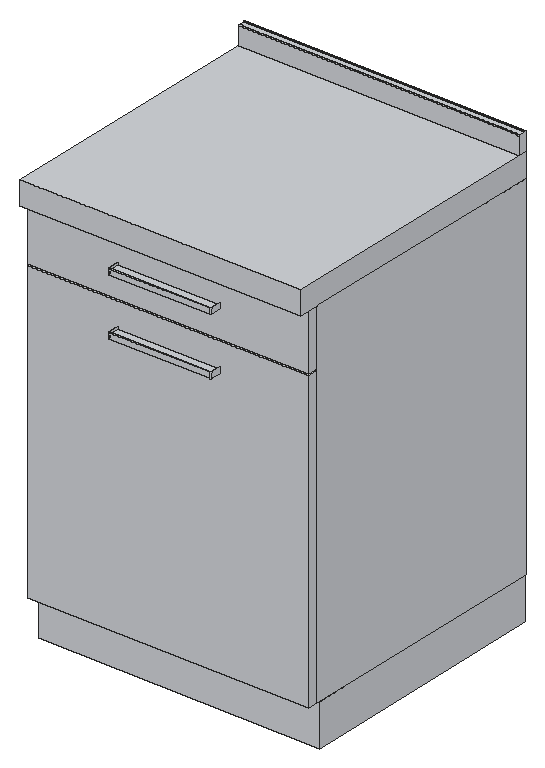
Revit family
Parameters (values of type "600 X 600 X 900mm")
  Top Material = none
  Material = none
  Handle Material = none
  Depth = 600 mm
  Height = 900 mm
  Width = 600 mm
  Assembly Code = ""
Types (4, lengths in mm): name | Width | Assembly Code
  (no name) | 600 | ""
  600 x 450 x 900mm | 450 | "C1030400"
  600 X 600 X 900mm | 600 | ""
  600 x 400 x 900mm | 400 | "C1030400"
Reference planes
  plane 1 "Back": y = 0
  plane 2: z = 0
  plane 3 "Center (Left/Right)": x = 44.7
  plane 4 "Front": y = -600
  plane 5 "Left": x = -255.3
  plane 6 "Right": x = 344.7
  plane 7 "Top": z = 900
  plane 8: z = 90
  plane 9: z = 850
  plane 10: z = 727
Forms (mm)
  Extrusion 1, solid
    sketch origin (0, 0, 0) x (1, 0, 0) y (0, 1, 0)
      loop
        line (-255.3, 0) -> (-255.3, -558) -> (-233.3, -558) -> (-233.3, -22) -> (322.7, -22) -> (322.7, -558) -> (344.7, -558) -> (344.7, 0) -> (-255.3, 0)
    from 90 to 850
  Extrusion 2, solid, material <- "Top Material"
    sketch origin (0, 0, 900) x (0, -1, 0) y (-1, 0, 0)
      loop
        line (0, 255.3) -> (0, -344.7) -> (600, -344.7) -> (600, 255.3) -> (0, 255.3)
    from 0 to 50
  Extrusion 3, solid, material <- "Material"
    sketch origin (0, 0, 900) x (0, -1, 0) y (-1, 0, 0)
      loop
        line (0.534, 255.3) -> (0.534, -344.7) -> (550.534, -344.7) -> (550.534, 255.3) -> (0.534, 255.3)
    from 810 to 900
  Sweep 4, solid, material <- "Top Material"
    path origin (0, 0, 900) x (0, -1, 0) y (1, 0, 0)
      loop
        line (0, 344.7) -> (0, -255.3)
    profile origin (44.7, 0, 0) x (0, -1, 0) y (0, 0, 1)
      loop
        line (0, 900) -> (15, 900) -> (15, 938)
        arc (15, 938) -> (14.414, 939.414) -> (13, 940) r 2
        line (13, 940) -> (1.504, 940) -> (1.504, 942.003) -> (0, 942.003) -> (0, 900)
  Extrusion 5, solid, material <- "Material"
    sketch origin (-255.3, -558, 850) x (0, 0, -1) y (1, 0, 0)
      loop
        line (0, 0) -> (120, 0) -> (120, 600) -> (0, 600) -> (0, 0)
      loop
        line (123, 0) -> (760, 0) -> (760, 600) -> (123, 600) -> (123, 0)
    from 0 to 22
Dimensions and locks
  "Width": plane 6 "Right" to plane 5 "Left"
  equal spacing: plane 6 "Right", plane 3 "Center (Left/Right)", plane 5 "Left"
  "Depth": plane 4 "Front" to plane 1 "Back"
  "Height": level to plane 7 "Top"
  locked: Extrusion 1 sketch curve to Extrusion 1 sketch curve at 22  (x3)
  locked: plane 8 to level at 90
  plane 7 "Top" to plane 9 = 50 mm
  equal spacing: plane 5 "Left", nested 1, plane 6 "Right"
  plane 10 to plane 8 = 637 mm
  aligned and locked: Extrusion 1 sketch curve to plane 6 "Right"
  aligned and locked: plane 1 "Back" to Extrusion 1 sketch curve
  aligned and locked: plane 5 "Left" to Extrusion 1 sketch curve
  aligned and locked: Extrusion 1 to plane 9
  aligned and locked: plane 8 to Extrusion 1
Automatic sketch dimensions
  Extrusion 2 sketch curve to plane 1 "Back" = 0 mm
  Extrusion 2 sketch curve to plane 4 "Front" = 0 mm
  Extrusion 2 sketch curve to plane 5 "Left" = 0 mm
  Extrusion 2 sketch curve to plane 6 "Right" = 0 mm
  plane 1 "Back" to Extrusion 3 sketch curve = 0.534 mm
  Extrusion 3 sketch curve to plane 5 "Left" = 0 mm
  Extrusion 3 sketch curve to plane 6 "Right" = 0 mm
  Extrusion 3 sketch curve to plane 4 "Front" = 49.466 mm
  Sweep 4 sketch curve to plane 1 "Back" = 0 mm
  Sweep 4 sketch curve to plane 5 "Left" = 0 mm
  Sweep 4 sketch curve to plane 6 "Right" = 0 mm
  Sweep 4 sketch curve to profile plane = 0 mm  (x2)
  Sweep 4 sketch curve to profile plane = 1.504 mm
  Sweep 4 sketch curve to Sweep 4 sketch curve = 11.496 mm
  Sweep 4 sketch curve to profile plane = 15 mm
  profile plane to Sweep 4 sketch curve = 38 mm
  Sweep 4 sketch curve to Sweep 4 sketch curve = 2.003 mm
  Extrusion 1 sketch curve to plane 4 "Front" = 42 mm  (x2)
  Extrusion 5 sketch curve to plane 6 "Right" = 0 mm  (x2)
  Extrusion 5 sketch curve to plane 9 = 0 mm
  Extrusion 5 sketch curve to plane 5 "Left" = 0 mm  (x2)
  Extrusion 5 sketch curve to plane 10 = 0 mm
  Extrusion 5 sketch curve to plane 8 = 0 mm
  plane 10 to Extrusion 5 sketch curve = 3 mm
Nested families
  nested 1: "Casework Handle" at (319.577, -603, 787.18), type "220 x 23mm"
  nested 2: "Casework Handle" at (319.577, -603, 664.18), type "220 x 23mm"
Definition of nested family "Casework Handle"
  Parameters (values of type "220 x 23mm")
    Material = none
  Reference planes
    plane 1 "Center (Front/Back)": y = 0
    plane 2: z = 0
    plane 3 "Center (Left/Right)": x = -274.877
    plane 4: x = -384.877
    plane 5: x = -164.877
    plane 6: y = 23
    plane 7: z = 12
  Forms (mm)
    Sweep 1, solid, material <- "Material"
      path origin (0, 0, 0) x (1, 0, 0) y (0, 1, 0)
        loop
          line (-384.877, 23) -> (-384.877, 2.5)
          arc (-384.877, 2.5) -> (-384.145, 0.732) -> (-382.377, 0) r 2.5
          line (-382.377, 0) -> (-167.377, 0)
          arc (-167.377, 0) -> (-165.609, 0.732) -> (-164.877, 2.5) r 2.5
          line (-164.877, 2.5) -> (-164.877, 23)
      profile origin (0, 12.75, 0) x (1, 0, 0) y (0, 0, 1)
        loop
          line (-384.877, 0) -> (-382.877, 0) -> (-382.877, 12) -> (-384.877, 12) -> (-384.877, 0)
    Extrusion 2, solid, material <- "Material"
      sketch origin (0, 0, 0) x (1, 0, 0) y (0, 1, 0)
        loop
          arc (-382.877, 2.5) -> (-382.731, 2.146) -> (-382.377, 2) r 0.5
          line (-382.377, 2) -> (-167.377, 2)
          arc (-167.377, 2) -> (-167.023, 2.146) -> (-166.877, 2.5) r 0.5
          line (-166.877, 2.5) -> (-166.877, 23) -> (-382.877, 23) -> (-382.877, 2.5)
      from 2.765 to 9.254
  Dimensions and locks
    equal spacing: plane 4, plane 3 "Center (Left/Right)", plane 5
